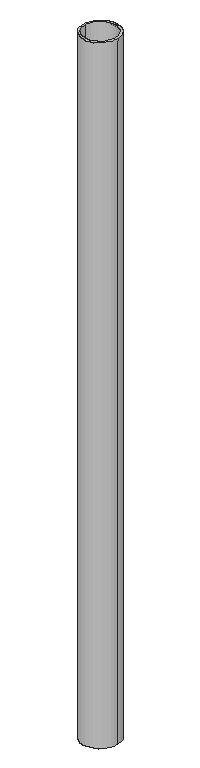
Revit family "HSS-Round Hollow Structural Section-Column", category 구조 기둥, Revit 2026
Family settings
  단면 모양 = 정의되지 않음
  모델 동작 재료 = 스틸
  항상 형상으로 내보내기 = 아니오
  평면의 보 전환 = 형상에서
  로드될 때 보이드를 사용하여 절단 = 아니오
  기호 표현 = 프로젝트 설정에서
  공유 = 아니오
  평면도에서 미리 절단된 패밀리 표시 = 예
Parameters (values of type "HSS6-1/8X.375")
  Structural Material [instance] = Metal - Steel - ASTM A53
  A = 5.76 in²
  조합 코드 = "B10"
  OD = 0' - 6 33/256"
  W = 23.1
  t = 0' - 0 89/256"
Types (2): name | A | OD | W | t
  HSS4-1/2X.237 | 2.88 in² | 0' - 4 1/2" | 10.8 | 0' - 0 57/256"
  HSS6-1/8X.375 | 5.76 in² | 0' - 6 33/256" | 23.1 | 0' - 0 89/256"
Reference planes (in)
  plane 1 "Center (Front/Back)": y = 0
  plane 2: z = 0
  plane 3 "Center (Left/Right)": x = 0
  plane 4: x = -3.06445
  plane 5: x = 3.06445
  plane 6: y = 3.06445
  plane 7: y = -3.06445
  plane 8: x = -2.7168
  plane 9: x = 2.7168
Forms (in)
  Extrusion 1, solid, material "Metal - Steel - ASTM A53" <- "Structural Material", detail levels medium+fine
    sketch origin (0, 0, 0) x (1, 0, 0) y (0, 1, 0)
      loop
        circle (0, 0) r 3.06445
      loop
        circle (0, 0) r 2.7168
    from 0 to 108
Lines and regions (in)
  symbolic lines, style "StructuralColumnStickSymbols", detail levels coarse
    curve 1: arc (-3.06445, 0, 0) -> (0, -3.06445, 0) -> (3.06445, 0, 0) r 3.06445
    curve 2: arc (3.06445, 0, 0) -> (0, 3.06445, 0) -> (-3.06445, 0, 0) r 3.06445
Dimensions and locks (in)
  equal spacing: plane 4, plane 3 "Center (Left/Right)", plane 5
  equal spacing: plane 7, plane 1 "Center (Front/Back)", plane 6
  "OD": plane 7 to plane 6
  "OD": plane 4 to plane 5
  "t": plane 4 to plane 8
  "t": plane 9 to plane 5
  aligned and locked: level to Extrusion 1
  aligned and locked: level to plane 2
  aligned and locked: Extrusion 1 to plane 2
  aligned and locked: curve 1 to Extrusion 1
Automatic sketch dimensions
  Extrusion 1 sketch curve to plane 1 "Center (Front/Back)" = 0' - 0"  (x2)
  Extrusion 1 sketch curve to plane 4 = 0' - 0"
  Extrusion 1 sketch curve to plane 8 = 0' - 0"
  Extrusion 1 sketch curve to plane 3 "Center (Left/Right)" = 0' - 0"  (x2)
